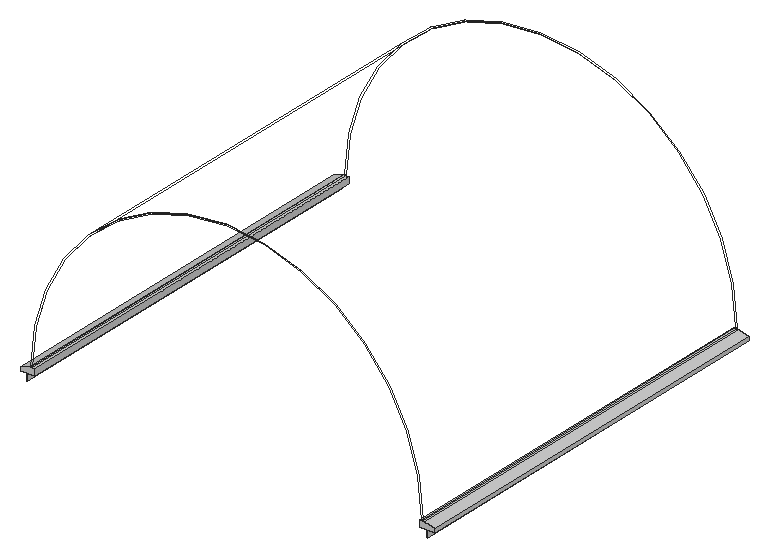
Revit family "SkylightScreen_KeeSafety_CurbStyle", category Generic Models, Revit 2026
Family settings
  Can host rebar = No
  Round Connector Dimension = Use Diameter
  Part Type = Normal
  Classification Number = 23.30.80.11
  Work Plane-Based = Yes
  Always vertical = Yes
  Cut with Voids When Loaded = No
  Maintain Annotation Orientation = No
  Shared = No
  Room Calculation Point = No
Parameters
  Unit Width [instance] = 2' - 6"
  Unit Depth [instance] = 2' - 6"
  URL = "keesafety.com"
  Specification = "http://www.arcat.com/sd/clients/keeind.html?coid=33541"
  Send Message = "http://www.arcat.com/users.pl?action=UserEmail&company=Kee+Safety,+Inc.&coid=33541&rep=106&fax=716-896-5696&mf="
  Sales Information = "http://www.keesafety.com/info_request_new.asp?param=usenyy"
  Revision = "R1_11-2012"
  Product Properties = "http://www.arcat.com/arcatcos/cos33/arc33541.html"
  Product Data = "http://www.arcat.com/arcatcos/cos33/arc33541.html"
  Model = "Curb Style"
  Material = Kee-Safety_Skylight-Screen
  Manufacturer Website = "keesafety.com"
  Manufacturer Phone - Toll Free = "800-851-5181"
  Manufacturer Phone = "716-896-4949"
  Manufacturer Fax = "716-896-5696"
  Manufacturer Address = "100 Stradtman St. Buffalo, NY 14206"
  Manufacturer = "Kee Safety, Inc."
  Maintenance Schedule (Months) = 12
  Keynote = "05 52 00"
  Installation Phase = "Skylight Screen"
  Green Building-LEED = "http://www.arcat.com/details/keeind/keeind.html?coid=33541"
  Frame Material = Kee-Safety_AISI-Grade-316
  Drawn By = "Sumex Design, Inc. / Robert S. Weygant, CSI, CDT, SCIP"
  Description = "Skylight Screen - Curb Style"
  Default Elevation = 0' - 0"
  Copyright = "2012, ARCAT, Inc"
  Construction Details = "http://www.arcat.com/details/keeind/keeind.html?coid=33541"
  Company_ID = 33541
  Assembly Code = "B3020230"
Reference planes (in)
  plane 1 "Center (Front/Back)": y = 0
  plane 2: z = 0
  plane 3 "Center (Left/Right)": x = 0
  plane 4 "Front Plane": y = -15
  plane 5 "Back Plane": y = 15
  plane 6 "Right Plane": x = 15
  plane 7 "Left Plane": x = -15
  plane 8 "Lower Plane": z = 1
Forms (in)
  Sweep 1, solid, material "Kee-Safety_Skylight-Screen" <- "Material"
    path origin (0, 0, 1) x (-1, 0, 0) y (0, -1, 0)
      loop
        line (0, -15) -> (0, 15)
    profile origin (0, 0, 1) x (1, 0, 0) y (0, 0, 1)
      loop
        arc (15, 0) -> (0, 15) -> (-15, 0) r 15
        line (-15, 0) -> (-14.875, 0)
        arc (-14.875, 0) -> (0, 14.875) -> (14.875, 0) r 14.875
        line (14.875, 0) -> (15, 0)
  Sweep 2, solid, material "Kee-Safety_AISI-Grade-316" <- "Frame Material"
    path origin (0, 0, 0) x (1, 0, 0) y (0, 1, 0)
      loop
        line (-15, 15) -> (-15, -15)
    profile origin (-15, 0, 0) x (1, 0, 0) y (0, 0, 1)
      loop
        line (-0.125, 1) -> (-0.82977, 0.74348) -> (-0.82977, 0.5) -> (-0.3125, 0.5) -> (-0.3125, 0) -> (-0.25, 0) -> (-0.25, 0.5) -> (0.25, 0.5) -> (0.25, 1) -> (-0.125, 1)
  Sweep 3, solid, material "Kee-Safety_AISI-Grade-316" <- "Frame Material"
    path origin (0, 0, 0) x (-1, 0, 0) y (0, 1, 0)
      loop
        line (-15, 15) -> (-15, -15)
    profile origin (15, 0, 0) x (1, 0, 0) y (0, 0, 1)
      loop
        line (0.125, 1) -> (-0.25, 1) -> (-0.25, 0.5) -> (0.25, 0.5) -> (0.25, 0) -> (0.3125, 0) -> (0.3125, 0.5) -> (0.82977, 0.5) -> (0.82977, 0.74348) -> (0.125, 1)
Dimensions and locks (in)
  equal spacing: plane 4 "Front Plane", plane 1 "Center (Front/Back)", plane 5 "Back Plane"
  equal spacing: plane 7 "Left Plane", plane 3 "Center (Left/Right)", plane 6 "Right Plane"
  "Unit Width": plane 7 "Left Plane" to plane 6 "Right Plane"
  "Unit Depth": plane 4 "Front Plane" to plane 5 "Back Plane"
  locked: Sweep 1 sketch curve to plane 7 "Left Plane" at 0.125
  locked: plane 6 "Right Plane" to Sweep 1 sketch curve at 0.125
  locked: plane 8 "Lower Plane" to level at 1
  aligned and locked: Sweep 1 sketch curve to plane 3 "Center (Left/Right)"
  aligned and locked: plane 5 "Back Plane" to Sweep 1 sketch curve
  aligned and locked: plane 4 "Front Plane" to Sweep 1 sketch curve
  aligned and locked: plane 7 "Left Plane" to Sweep 1 sketch curve
  aligned and locked: plane 6 "Right Plane" to Sweep 1 sketch curve
  aligned and locked: Sweep 2 sketch curve to plane 7 "Left Plane"
  aligned and locked: plane 5 "Back Plane" to Sweep 2 sketch curve
  aligned and locked: plane 4 "Front Plane" to Sweep 2 sketch curve
  aligned and locked: Sweep 3 sketch curve to plane 6 "Right Plane"
  aligned and locked: plane 4 "Front Plane" to Sweep 3 sketch curve
  aligned and locked: plane 5 "Back Plane" to Sweep 3 sketch curve
Automatic sketch dimensions
  Sweep 1 sketch curve to Sweep 1 sketch curve = 0' - 0"
  Sweep 1 sketch curve to profile plane = 0' - 0"
  Sweep 2 sketch curve to level = 0' - 0"
  profile plane to Sweep 2 sketch curve = 0' - 0.82977"
  profile plane to Sweep 2 sketch curve = 0' - 0 5/16"
  Sweep 2 sketch curve to Sweep 2 sketch curve = 0' - 0 1/16"
  profile plane to Sweep 2 sketch curve = 0' - 0 1/8"
  Sweep 2 sketch curve to profile plane = 0' - 0 1/4"
  Sweep 2 sketch curve to Sweep 2 sketch curve = 0' - 0 1/2"  (x2)
  Sweep 2 sketch curve to Sweep 2 sketch curve = 0' - 0"
  Sweep 2 sketch curve to Sweep 2 sketch curve = 0' - 0.24348"
  Sweep 3 sketch curve to level = 0' - 0"
  profile plane to Sweep 3 sketch curve = 0' - 0 1/4"
  Sweep 3 sketch curve to profile plane = 0' - 0 1/8"
  Sweep 3 sketch curve to profile plane = 0' - 0 1/4"
  Sweep 3 sketch curve to Sweep 3 sketch curve = 0' - 0 1/16"
  Sweep 3 sketch curve to Sweep 3 sketch curve = 0' - 0.51727"
  Sweep 3 sketch curve to Sweep 3 sketch curve = 0' - 0 1/2"  (x2)
  Sweep 3 sketch curve to Sweep 3 sketch curve = 0' - 0"
  Sweep 3 sketch curve to Sweep 3 sketch curve = 0' - 0.24348"
